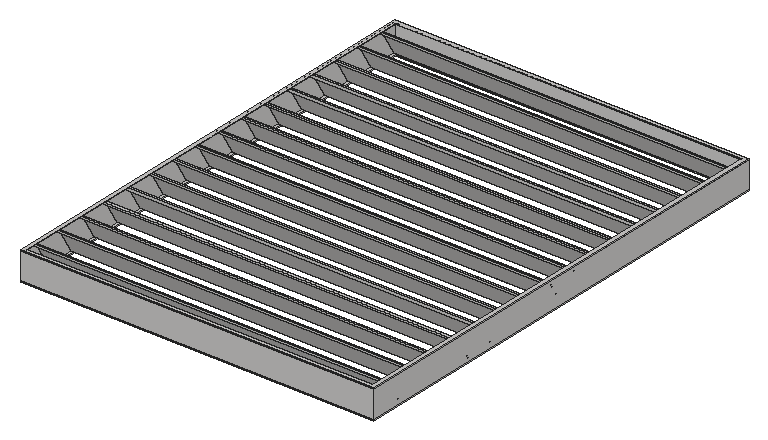
Revit family "Louver-Channel_Frame-Carnes-Rectangular-Drainable_Blade_FVCB", category Air Terminals, host Face, Revit 2012
Parameters (values of type "(See Type Catalog)")
  ecoScorecard_data = ""
  ecoScorecard Product Page = "http://ecoscorecard.com/"
  URL = "http://www.carnes.com/index.html"
  Symbol Blades Quantity [instance] = Louver Width / 3"  # 24
  Subcategory = "Louvers and Dampers"
  Specifications  URL = "http://www.carnes.com/Louvers/pdf/17150.pdf"
  Product Page URL = "http://www.carnes.com/Louvers/FVCB-FWCB.htm"
  Product Line = "Galvanized Steel Drainable Blade Louvers"
  Pressure Drop = 0.00 Pa
  Outside Width = Louver Width + (3/4" * 2)  # 73 1/2"
  Outside Height = Louver Height + (3/4" * 2)  # 97 1/2"
  Model = "FVCB"
  Minimum Size = "8\"W x 12\"H"
  Maximum Vertical Size = "72\"W x 96\"H"
  Maximum Size Note = "Larger Sizes made in multiple sections"
  Maximum Horinzontal Size = "72\"W x 96\"H"
  Manufacturer = "Carnes Company"
  Free Area Note = "See Spec Sheet URL"
  Free Area = 0.00 SF
  Description = "Galvanized Steel Drainable Blade Louvers"
  Connector Description 1 = "Duct Connetor"
  Blades Quantity [instance] = (Louver Height - (Blade Offset from Frame - 3/4")) / 6"  # 16
  Manufacturer Phone = "608-845-6411"
  Manufacturer Fax = "608-845-6470"
  Manufacturer Email = "mailto:carnes@carnes.com"
  Manufacturer Address = "448 S. Main St., P. O. Box 930040, Verona, WI 53593-0040"
  Louver Width = 72"
  Louver Length = 6"  # constant formula
  Louver Height = 96"
  Blades Length [instance] = Louver Length - 1/2"  # 5 1/2"
  Frame Material = Steel - Carnes - Galvanized
  Default Elevation = 48"
  Cost Info = "mailto:carnes@carnes.com"
  Catalog URL = "http://www.carnes.com/Louvers/pdf/f42.pdf"
  Blades Width [instance] = Outside Width - (1/8" * 2)  # 73 1/4"
  Blade Offset from Frame [instance] = 2 1/4"
  Blade Material = Steel - Carnes - Galvanized
  Assembly Code = "D3090700"
  Airflow = 0 CFM
  95 CSI = "10200"
  04 CSI = "08 91 00"
Reference planes (in)
  plane 1 "Center (Elevation)": y = 0
  plane 2: z = 0
  plane 3 "Center (Left/Right)": x = 0
  plane 4: z = -6
  plane 5: z = -0.125
  plane 6: z = -5.875
  plane 7: z = -3
  plane 8: x = -36
  plane 9: x = 36
  plane 10: x = -36.75
  plane 11: x = 36.75
  plane 12: y = 48
  plane 13: y = -48
  plane 14: y = 48.75
  plane 15: y = -48.75
  plane 16 "Blade CL": y = 46.5
Forms (in)
  Extrusion 1, solid, material "Steel - Carnes - Galvanized" <- "Frame Material"
    sketch origin (0, 0, 0) x (1, 0, 0) y (0, 1, 0)
      loop
        line (-36.75, 48.75) -> (-36.75, -48.75) -> (36.75, -48.75) -> (36.75, 48.75) -> (-36.75, 48.75)
      loop
        line (-36, 48) -> (-36, -48) -> (36, -48) -> (36, 48) -> (-36, 48)
    from -0.125 to 0
  Extrusion 2, solid, material "Steel - Carnes - Galvanized" <- "Frame Material"
    sketch origin (0, 0, 0) x (1, 0, 0) y (0, 1, 0)
      loop
        line (-36.75, 48.75) -> (-36.75, -48.75) -> (36.75, -48.75) -> (36.75, 48.75) -> (-36.75, 48.75)
      loop
        line (-36, 48) -> (-36, -48) -> (36, -48) -> (36, 48) -> (-36, 48)
    from -6 to -5.875
  Extrusion 3, solid, material "Steel - Carnes - Galvanized" <- "Frame Material"
    sketch origin (0, 0, 0) x (1, 0, 0) y (0, 1, 0)
      loop
        line (-36.625, 48.625) -> (-36.625, -48.625) -> (36.625, -48.625) -> (36.625, 48.625) -> (-36.625, 48.625)
      loop
        line (-36.75, 48.75) -> (-36.75, -48.75) -> (36.75, -48.75) -> (36.75, 48.75) -> (-36.75, 48.75)
    from -5.875 to -0.125
Lines and regions (in)
  Masking region 1, detail levels medium+fine
    outline origin (0, 0, 0) x (1, 0, 0) y (0, 0, 1)
      loop
        line (36.75, 0) -> (-36.75, 0) -> (-36.75, -6) -> (36.75, -6) -> (36.75, 0)
  Masking region 2, detail levels medium+fine
    outline origin (0, 0, 0) x (1, 0, 0) y (0, 0, 1)
      loop
        line (36.75, 0) -> (36, 0) -> (36, -0.125) -> (36.625, -0.125) -> (36.625, -5.875) -> (36, -5.875) -> (36, -6) -> (36.75, -6) -> (36.75, 0)
      loop
        line (-36.75, 0) -> (-36.75, -6) -> (-36, -6) -> (-36, -5.875) -> (-36.625, -5.875) -> (-36.625, -0.125) -> (-36, -0.125) -> (-36, 0) -> (-36.75, 0)
  symbolic lines, detail levels fine
    curve 1: line (36, 0, -0.125) -> (-36, 0, -0.125)
    curve 2: line (36, 0, -5.875) -> (-36, 0, -5.875)
  symbolic lines
    curve 3: line (-36, 0, -0.28125) -> (-35.5625, 0, -0.28125)
    curve 4: line (-35.5625, 0, -0.28125) -> (-32.33652, 0, -5.71875)
    curve 5: line (-32.33652, 0, -5.71875) -> (-31.89902, 0, -5.71875)
    curve 6: line (31.89902, 0, -0.28125) -> (32.33652, 0, -0.28125)
    curve 7: line (32.33652, 0, -0.28125) -> (35.5625, 0, -5.71875)
    curve 8: line (35.5625, 0, -5.71875) -> (36, 0, -5.71875)
    curve 9: line (-33.04787, 0, -0.28125) -> (-32.61037, 0, -0.28125)
    curve 10: line (-32.61037, 0, -0.28125) -> (-29.38438, 0, -5.71875)
    curve 11: line (-29.38438, 0, -5.71875) -> (-28.94688, 0, -5.71875)
    curve 12: line (-30.09574, 0, -0.28125) -> (-29.65824, 0, -0.28125)
    curve 13: line (-29.65824, 0, -0.28125) -> (-26.43225, 0, -5.71875)
    curve 14: line (-26.43225, 0, -5.71875) -> (-25.99475, 0, -5.71875)
    curve 15: line (-27.14361, 0, -0.28125) -> (-26.70611, 0, -0.28125)
    curve 16: line (-26.70611, 0, -0.28125) -> (-23.48012, 0, -5.71875)
    curve 17: line (-23.48012, 0, -5.71875) -> (-23.04262, 0, -5.71875)
    curve 18: line (-24.19148, 0, -0.28125) -> (-23.75398, 0, -0.28125)
    curve 19: line (-23.75398, 0, -0.28125) -> (-20.52799, 0, -5.71875)
    curve 20: line (-20.52799, 0, -5.71875) -> (-20.09049, 0, -5.71875)
    curve 21: line (-21.23934, 0, -0.28125) -> (-20.80184, 0, -0.28125)
    curve 22: line (-20.80184, 0, -0.28125) -> (-17.57586, 0, -5.71875)
    curve 23: line (-17.57586, 0, -5.71875) -> (-17.13836, 0, -5.71875)
    curve 24: line (-18.28721, 0, -0.28125) -> (-17.84971, 0, -0.28125)
    curve 25: line (-17.84971, 0, -0.28125) -> (-14.62373, 0, -5.71875)
    curve 26: line (-14.62373, 0, -5.71875) -> (-14.18623, 0, -5.71875)
    curve 27: line (-15.33508, 0, -0.28125) -> (-14.89758, 0, -0.28125)
    curve 28: line (-14.89758, 0, -0.28125) -> (-11.6716, 0, -5.71875)
    curve 29: line (-11.6716, 0, -5.71875) -> (-11.2341, 0, -5.71875)
    curve 30: line (-12.38295, 0, -0.28125) -> (-11.94545, 0, -0.28125)
    curve 31: line (-11.94545, 0, -0.28125) -> (-8.71947, 0, -5.71875)
    curve 32: line (-8.71947, 0, -5.71875) -> (-8.28197, 0, -5.71875)
    curve 33: line (-9.43082, 0, -0.28125) -> (-8.99332, 0, -0.28125)
    curve 34: line (-8.99332, 0, -0.28125) -> (-5.76734, 0, -5.71875)
    curve 35: line (-5.76734, 0, -5.71875) -> (-5.32984, 0, -5.71875)
    curve 36: line (-6.47869, 0, -0.28125) -> (-6.04119, 0, -0.28125)
    curve 37: line (-6.04119, 0, -0.28125) -> (-2.8152, 0, -5.71875)
    curve 38: line (-2.8152, 0, -5.71875) -> (-2.3777, 0, -5.71875)
    curve 39: line (-3.52656, 0, -0.28125) -> (-3.08906, 0, -0.28125)
    curve 40: line (-3.08906, 0, -0.28125) -> (0.13693, 0, -5.71875)
    curve 41: line (0.13693, 0, -5.71875) -> (0.57443, 0, -5.71875)
    curve 42: line (-0.57443, 0, -0.28125) -> (-0.13693, 0, -0.28125)
    curve 43: line (-0.13693, 0, -0.28125) -> (3.08906, 0, -5.71875)
    curve 44: line (3.08906, 0, -5.71875) -> (3.52656, 0, -5.71875)
    curve 45: line (2.3777, 0, -0.28125) -> (2.8152, 0, -0.28125)
    curve 46: line (2.8152, 0, -0.28125) -> (6.04119, 0, -5.71875)
    curve 47: line (6.04119, 0, -5.71875) -> (6.47869, 0, -5.71875)
    curve 48: line (5.32984, 0, -0.28125) -> (5.76734, 0, -0.28125)
    curve 49: line (5.76734, 0, -0.28125) -> (8.99332, 0, -5.71875)
    curve 50: line (8.99332, 0, -5.71875) -> (9.43082, 0, -5.71875)
    curve 51: line (8.28197, 0, -0.28125) -> (8.71947, 0, -0.28125)
    curve 52: line (8.71947, 0, -0.28125) -> (11.94545, 0, -5.71875)
    curve 53: line (11.94545, 0, -5.71875) -> (12.38295, 0, -5.71875)
    curve 54: line (11.2341, 0, -0.28125) -> (11.6716, 0, -0.28125)
    curve 55: line (11.6716, 0, -0.28125) -> (14.89758, 0, -5.71875)
    curve 56: line (14.89758, 0, -5.71875) -> (15.33508, 0, -5.71875)
    curve 57: line (14.18623, 0, -0.28125) -> (14.62373, 0, -0.28125)
    curve 58: line (14.62373, 0, -0.28125) -> (17.84971, 0, -5.71875)
    curve 59: line (17.84971, 0, -5.71875) -> (18.28721, 0, -5.71875)
    curve 60: line (17.13836, 0, -0.28125) -> (17.57586, 0, -0.28125)
    curve 61: line (17.57586, 0, -0.28125) -> (20.80184, 0, -5.71875)
    curve 62: line (20.80184, 0, -5.71875) -> (21.23934, 0, -5.71875)
    curve 63: line (20.09049, 0, -0.28125) -> (20.52799, 0, -0.28125)
    curve 64: line (20.52799, 0, -0.28125) -> (23.75398, 0, -5.71875)
    curve 65: line (23.75398, 0, -5.71875) -> (24.19148, 0, -5.71875)
    curve 66: line (23.04262, 0, -0.28125) -> (23.48012, 0, -0.28125)
    curve 67: line (23.48012, 0, -0.28125) -> (26.70611, 0, -5.71875)
    curve 68: line (26.70611, 0, -5.71875) -> (27.14361, 0, -5.71875)
    curve 69: line (25.99475, 0, -0.28125) -> (26.43225, 0, -0.28125)
    curve 70: line (26.43225, 0, -0.28125) -> (29.65824, 0, -5.71875)
    curve 71: line (29.65824, 0, -5.71875) -> (30.09574, 0, -5.71875)
    curve 72: line (28.94688, 0, -0.28125) -> (29.38438, 0, -0.28125)
    curve 73: line (29.38438, 0, -0.28125) -> (32.61037, 0, -5.71875)
    curve 74: line (32.61037, 0, -5.71875) -> (33.04787, 0, -5.71875)
Dimensions and locks (in)
  equal spacing: plane 10, plane 3 "Center (Left/Right)", plane 11
  "Outside Width": plane 10 to plane 11
  equal spacing: plane 15, plane 1 "Center (Elevation)", plane 14
  "Outside Height": plane 15 to plane 14
  locked: plane 2 to plane 5 at 0.125
  locked: plane 6 to plane 4 at 0.125
  "Louver Length": plane 2 to plane 4
  equal spacing: plane 5, plane 7, plane 6
  "Blade Offset from Frame": plane 14 to plane 16 "Blade CL"
  locked: plane 10 to plane 8 at 0.75
  locked: plane 9 to plane 11 at 0.75
  locked: plane 14 to plane 12 at 0.75
  locked: plane 15 to plane 13 at 0.75
  locked: Masking region 2 sketch curve to plane 11 at 0.125
  locked: Extrusion 3 sketch curve to Extrusion 3 sketch curve at 0.125  (x4)
  equal spacing: group 1, group 2, group 3, group 4, group 5, group 6, group 7, group 8, group 9, group 10, group 14, group 15, group 16, group 30, group 31, group 32  (x2)
  equal spacing: group 32, group 31, group 30, group 16, group 15, group 14, group 10, group 9, group 8, group 7, group 6, group 5, group 4, group 3, group 2, group 1
  locked: nested 1 to nested 2 at 6
  curve 3 to plane 7 to curve 5 = 2 23/32" locked, 2 23/32" locked
  equal spacing: group 11, group 13, group 17, group 18, group 19, group 20, group 21, group 22, group 23, group 24, group 25, group 26, group 27, group 28, group 29, group 33, group 34, group 35, group 36, group 37, group 38, group 39, group 40, group 12  (x3)
  curve 51 to curve 53 = 5 7/16"
  curve 54 to curve 56 = 5 7/16"
  curve 57 to curve 59 = 5 7/16"
  curve 60 to curve 62 = 5 7/16"
  curve 63 to curve 65 = 5 7/16"
  curve 66 to curve 68 = 5 7/16"
  curve 69 to curve 71 = 5 7/16"
  curve 72 to curve 74 = 5 7/16"
  aligned and locked: plane 2 to host face
  aligned and locked: host face to level
  aligned and locked: plane 10 to Extrusion 1 sketch curve
  aligned and locked: Extrusion 1 sketch curve to plane 14
  aligned and locked: plane 15 to Extrusion 1 sketch curve
  aligned and locked: plane 11 to Extrusion 1 sketch curve
  aligned and locked: plane 8 to Extrusion 1 sketch curve
  aligned and locked: Extrusion 1 sketch curve to plane 12
  aligned and locked: plane 13 to Extrusion 1 sketch curve
  aligned and locked: plane 9 to Extrusion 1 sketch curve
  aligned and locked: Extrusion 1 to plane 5
  aligned and locked: plane 2 to Extrusion 1
  aligned and locked: Extrusion 2 sketch curve to Extrusion 1  (x6)
  aligned and locked: Extrusion 1 to Extrusion 2 sketch curve  (x2)
  aligned and locked: plane 6 to Extrusion 2
  aligned and locked: Extrusion 2 to plane 4
  aligned and locked: plane 5 to Extrusion 3
  aligned and locked: Extrusion 3 to plane 6
  aligned and locked: plane 11 to Masking region 1 sketch curve
  aligned and locked: Masking region 1 sketch curve to plane 2
  aligned and locked: plane 4 to Masking region 1 sketch curve
  aligned and locked: plane 10 to Masking region 1 sketch curve
  aligned and locked: Masking region 2 sketch curve to plane 11
  aligned and locked: plane 4 to Masking region 2 sketch curve
  aligned and locked: curve 1 to plane 5
  aligned and locked: curve 2 to plane 6
  aligned and locked: plane 2 to Masking region 2 sketch curve
  aligned and locked: Masking region 2 sketch curve to plane 5
  aligned and locked: plane 9 to Masking region 2 sketch curve
  aligned and locked: Masking region 2 sketch curve to plane 9
  aligned and locked: Masking region 2 sketch curve to plane 6
  aligned and locked: Masking region 2 sketch curve to plane 4
  aligned and locked: plane 8 to Masking region 2 sketch curve
  aligned and locked: plane 6 to Masking region 2 sketch curve
  aligned and locked: plane 5 to Masking region 2 sketch curve
  aligned and locked: Masking region 2 sketch curve to plane 8
  aligned and locked: Masking region 2 sketch curve to plane 2
  aligned and locked: plane 10 to Masking region 2 sketch curve
  aligned and locked: plane 8 to curve 1
  aligned and locked: plane 8 to curve 2
  aligned and locked: plane 9 to curve 1
  aligned and locked: plane 9 to curve 2
  aligned and locked: plane 10 to Extrusion 3 sketch curve
  aligned and locked: Extrusion 3 sketch curve to plane 15
  aligned and locked: Extrusion 3 sketch curve to plane 14
  aligned and locked: plane 11 to Extrusion 3 sketch curve
  aligned and locked: plane 3 "Center (Left/Right)" to nested 1
  aligned and locked: plane 7 to nested 1
  aligned and locked: nested 1 to plane 16 "Blade CL"
  aligned and locked: plane 7 to nested 10
  aligned and locked: plane 9 to curve 8
  aligned and locked: plane 8 to curve 3
Automatic sketch dimensions
  host sketch curve to host sketch curve = 122.28147"
  host sketch curve to host sketch curve = 173.35151"
  plane 10 to Masking region 2 sketch curve = 1/8"
Nested families (in)
  nested 1: "Louver_Blade-Carnes" at (0, 46.5, -3), type "Standard"
    with Width 73 1/4"
  nested 2: "Louver_Blade-Carnes" at (0, 40.5, -3), type "Standard"
    with Width 73 1/4"
  nested 3: "Louver_Blade-Carnes" at (0, 34.5, -3), type "Standard"
    with Width 73 1/4"
  nested 4: "Louver_Blade-Carnes" at (0, 28.5, -3), type "Standard"
    with Width 73 1/4"
  nested 5: "Louver_Blade-Carnes" at (0, 22.5, -3), type "Standard"
    with Width 73 1/4"
  nested 6: "Louver_Blade-Carnes" at (0, 16.5, -3), type "Standard"
    with Width 73 1/4"
  nested 7: "Louver_Blade-Carnes" at (0, 10.5, -3), type "Standard"
    with Width 73 1/4"
  nested 8: "Louver_Blade-Carnes" at (0, 4.5, -3), type "Standard"
    with Width 73 1/4"
  nested 9: "Louver_Blade-Carnes" at (0, -1.5, -3), type "Standard"
    with Width 73 1/4"
  nested 10: "Louver_Blade-Carnes" at (0, -7.5, -3), type "Standard"
    with Width 73 1/4"
  nested 11: "Louver_Blade-Carnes" at (0, -13.5, -3), type "Standard"
    with Width 73 1/4"
  nested 12: "Louver_Blade-Carnes" at (0, -19.5, -3), type "Standard"
    with Width 73 1/4"
  nested 13: "Louver_Blade-Carnes" at (0, -25.5, -3), type "Standard"
    with Width 73 1/4"
  nested 14: "Louver_Blade-Carnes" at (0, -31.5, -3), type "Standard"
    with Width 73 1/4"
  nested 15: "Louver_Blade-Carnes" at (0, -37.5, -3), type "Standard"
    with Width 73 1/4"
  nested 16: "Louver_Blade-Carnes" at (0, -43.5, -3), type "Standard"
    with Width 73 1/4"
Connectors (in)
  hvac at (0, 0, -6), driven by "Louver Height", driven by "Louver Width", driven by "Connector Description 1", driven by "Airflow", driven by "Pressure Drop"
    settings: on Extrusion 2, index 1, duct flow 0 CFM, flow factor 0, pres drop 0.00 Pa, loss coef 0, conn angle 0.00°, conn width 72", conn height 96", conn radius 12", duct sys type 29, conn prof type 1, flow config 0, flow direction 0, loss method 4, conn ref index -1, conn util no, is conn primary yes, conn desc "Duct Connetor"
Definition of nested family "Louver_Blade-Carnes"
  Parameters (values of type "Standard")
    Width = 12"
    Blade Material = none
    Length = 5 1/2"
    Assembly Code = ""
  Reference planes (in)
    plane 1 "Center (Front/Back)": y = 0
    plane 2: z = 0
    plane 3 "Center (Left/Right)": x = 0
    plane 4: y = 2
    plane 5: y = -2
    plane 6: z = 2.75
    plane 7: z = -2.75
    plane 8: x = -6
    plane 9: x = 6
  Forms (in)
    Sweep 1, solid, material <- "Blade Material"
      path origin (0, 0, 0) x (1, 0, 0) y (0, 1, 0)
        loop
          line (-6, 0) -> (6, 0)
      profile origin (0, 0, 0) x (0, 1, 0) y (0, 0, 1)
        loop
          line (-2, 2.75) -> (-2, 2.34375) -> (-1.9375, 2.34375) -> (-1.9375, 2.6875) -> (-1.60161, 2.6875) -> (-0.00915, 0.00388) -> (1.625, -2.75) -> (2, -2.75) -> (2, -2.34375) -> (1.9375, -2.34375) -> (1.9375, -2.6875) -> (1.66411, -2.6875) -> (0.10505, -0.06016) -> (-1.5625, 2.75) -> (-2, 2.75)
  Dimensions and locks (in)
    equal spacing: plane 4, plane 1 "Center (Front/Back)", plane 5
    locked: plane 4 to plane 5 at 4
    equal spacing: plane 7, plane 2, plane 6
    "Length": plane 7 to plane 6
    equal spacing: plane 8, plane 3 "Center (Left/Right)", plane 9
    "Width": plane 8 to plane 9
    locked: Sweep 1 sketch curve to Sweep 1 sketch curve at 0.0625  (x4)
    locked: Sweep 1 sketch curve to Sweep 1 sketch curve at 0.375
    locked: Sweep 1 sketch curve to Sweep 1 sketch curve at 0.4375
    locked: Sweep 1 sketch curve to Sweep 1 sketch curve at 0.06553  (x2)
    aligned and locked: plane 1 "Center (Front/Back)" to Sweep 1 sketch curve
    aligned and locked: plane 8 to Sweep 1 sketch curve
    aligned and locked: plane 9 to Sweep 1 sketch curve
    aligned and locked: plane 7 to Sweep 1 sketch curve
    aligned and locked: plane 4 to Sweep 1 sketch curve
    aligned and locked: plane 6 to Sweep 1 sketch curve
    aligned and locked: plane 5 to Sweep 1 sketch curve
    aligned and locked: Sweep 1 sketch curve to Sweep 1 sketch curve  (x2)
  Automatic sketch dimensions
    Sweep 1 sketch curve to Sweep 1 sketch curve = 11/32"  (x2)
    profile plane to Sweep 1 sketch curve = 0.00915"
    Sweep 1 sketch curve to profile plane = 0.10505"
